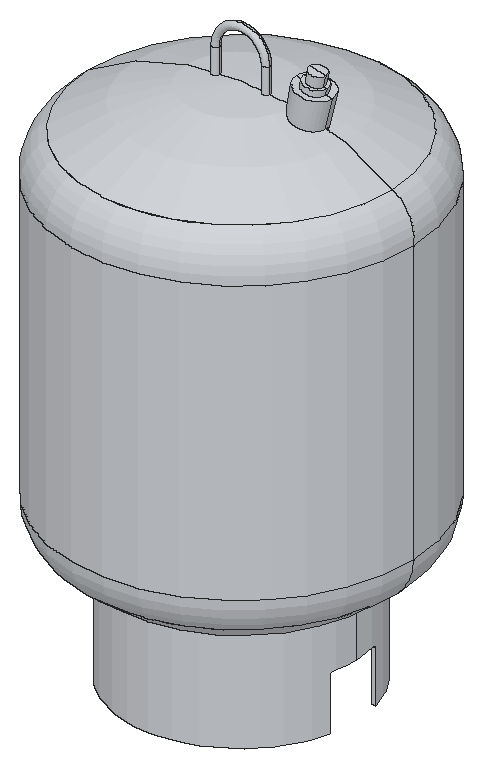
Revit family
Parameters (values of type "200LBC 125# W.P.")
  Weight = "195 lbs"
  Tank Volume = "53 Gal"
  Tank Height/Length = 36.969"
  Tank Diameter = 24.000"
  Side Lifting Ring Location = Shell Length / 2  # 9.2815"
  Shell Length = 18.563"
  Pipe Connector Diameter = Pipe Connection Radius * 2  # 1.000"
  Pipe Connection Radius = 0.500"
  Model = "200LBC"
  Maximum Acceptance Volume = "27 Gal"
  Max Operating Temp = "240 DEG F"
  Max Operating Pressure = "125 PSI"
  Manufacturer = "Amtrol"
  Lifting Ring Location = 3.500" / 2  # 1.750"
  Floor to Elbow Centerline = 2.000"
  Floor to Bottom of Tank = 4.000"
  Bladder/Diaphragm = "Bladder"
  ASME = yes
Types (9): name | Weight | Tank Volume | Tank Height/Length | Side Lifting Ring Location | Shell Length | Model | Maximum Acceptance Volume | Max Operating Pressure
  (no name) | "195 lbs" | "53 Gal" | 36.969" | 9.2815" | 18.563" | "200LBC" | "27 Gal" | "125 PSI"
  200LBC 150# W.P. 10 BAR | "205 lbs" | "53 Gal" | 36.969" | 9.2815" | 18.563" | "200LBC" | "27 Gal" | "150 PSI"
  300LBC 150# W.P. 10 BAR | "254 lbs" | "80 Gal" | 52.500" | 16.250" | 32.500" | "300LBC" | "27 Gal" | "150 PSI"
  400LBC 150# W.P. 10 BAR | "308 lbs" | "106 Gal" | 65.125" | 23.219" | 46.438" | "400LBC" | "53 Gal" | "150 PSI"
  500LBC 150# W.P. 10 BAR | "352 lbs" | "132 Gal" | 78.938" | 30.000" | 60.000" | "500LBC" | "53 Gal" | "150 PSI"
  200LBC 125# W.P. | "195 lbs" | "53 Gal" | 36.969" | 9.2815" | 18.563" | "200LBC" | "27 Gal" | "125 PSI"
  300LBC 125# W.P. | "233 lbs" | "80 Gal" | 52.500" | 16.250" | 32.500" | "300LBC" | "27 Gal" | "125 PSI"
  400LBC 125# W.P. | "274 lbs" | "106 Gal" | 65.125" | 23.219" | 46.438" | "400LBC" | "53 Gal" | "125 PSI"
  500LBC 125# W.P. | "310 lbs" | "132 Gal" | 78.938" | 30.000" | 60.000" | "500LBC" | "53 Gal" | "125 PSI"
Reference planes (in)
  plane 1 "Center (Front/Back)": y = 0
  plane 2: z = 0
  plane 3 "Center (Left/Right)": x = 0
Forms (in)
  Revolve 1, solid
    sketch origin (0, 0, 0) x (1, 0, 0) y (0, 0, 1)
      loop
        line (-8, 0) -> (-7.75, 0) -> (-7.75, 7.44707) -> (-8, 7.44707) -> (-8, 0)
      axis (0, 0) -> (0, 7.44707)
    angle from 0 to 360
  Revolve 2, solid
    sketch origin (0, 0, 0) x (1, 0, 0) y (0, 0, 1)
      loop
        line (0.6492, 3.3675) -> (0.6492, 4.19707) -> (0, 4.19707) -> (0, 3.3675) -> (0.6492, 3.3675)
      axis (0, 3.3675) -> (0, 4.19707)
    angle from 0 to 360
  Extrusion 3, void
    sketch origin (0, 0, 0) x (0, 1, 0) y (0, 0, 1)
      loop
        line (0, 3.82981) -> (-1.75, 3.82981)
        arc (-1.75, 3.82981) -> (-1.92678, 3.75658) -> (-2, 3.57981) r 0.25
        line (-2, 3.57981) -> (-2, -0.1984) -> (2, -0.1984) -> (2, 3.57981)
        arc (2, 3.57981) -> (1.92678, 3.75658) -> (1.75, 3.82981) r 0.25
        line (1.75, 3.82981) -> (0, 3.82981)
    from 3.88729 to 12
  Sweep 4, solid
    path origin (0, 0, 0) x (1, 0, 0) y (0, 0, 1)
      loop
        line (0, 3.5) -> (0, 3.198)
        arc (0, 3.198) -> (0.35089, 2.35089) -> (1.198, 2) r 1.198
        line (1.198, 2) -> (1.5, 2)
    profile origin (0, 0, 3.349) x (0, -1, 0) y (1, 0, 0)
      loop
        circle (0, 0) r 1
  Revolve 5, solid
    sketch origin (0, 0, 0) x (1, 0, 0) y (0, 0, 1)
      loop
        line (0, 2.813) -> (0.65074, 2.813) -> (0.65074, 4.313) -> (0, 4.313) -> (0, 2.813)
      axis (0, 2.813) -> (0, 4.313)
    angle from 0 to 360
  Revolve 6, solid
    sketch origin (0, 0, 0) x (1, 0, 0) y (0, 0, 1)
      loop
        line (5.96437, 38.55276) -> (5.7183, 38.59615) -> (5.89974, 39.32387) -> (5.33906, 39.46367) -> (4.53454, 35.86226) -> (5.73583, 35.65044) -> (6.34064, 38.07618) -> (5.89421, 38.1549) -> (5.96437, 38.55276)
      axis (4.53454, 35.86226) -> (5.33906, 39.46367)
    angle from 0 to 360
  Sweep 7, solid
    path origin (0.0517, 0, 0.58905) x (1, 0, 0) y (0, 0, 1)
      loop
        line (-1.8017, 36.25051) -> (-1.8017, 38.00051)
        arc (-1.8017, 38.00051) -> (-0.0517, 39.75051) -> (1.6983, 38.00051) r 1.75
        line (1.6983, 38.00051) -> (1.6983, 36.25051)
    profile origin (-1.75, 0, 37.71457) x (-1, 0, 0) y (0, -1, 0)
      loop
        circle (0, 0) r 0.25
  Revolve 8, solid
    sketch origin (0, 0, 0) x (1, 0, 0) y (0, 0, 1)
      loop
        arc (12, 30.95366) -> (11.68437, 32.63964) -> (10.55443, 33.93013) r 3.25
        arc (10.55443, 33.93013) -> (5.51015, 36.25858) -> (0, 36.969) r 18.33177
        line (0, 36.969) -> (0, 4) -> (4.98897, 4) -> (4.98897, 4.49999) -> (4.4445, 4.49999) -> (4.4445, 4.6875) -> (4.98897, 4.6875) -> (4.98897, 5.87292)
        arc (4.98897, 5.87292) -> (5.12168, 5.92789) -> (5.17665, 6.06061) r 0.18768
        arc (5.17665, 6.06061) -> (8.25561, 7.15646) -> (10.94007, 9.02046) r 12.36901
        arc (10.94007, 9.02046) -> (11.72323, 10.10933) -> (12, 11.42173) r 3.25
        line (12, 11.42173) -> (12, 30.95366)
      axis (0, 4) -> (0, 36.969)
    angle from 0 to 360
  Sweep 9, solid
    path origin (0, 0, 0) x (1, 0, 0) y (0, 0, 1)
      loop
        line (-11.93631, 23.42216) -> (-12.93631, 23.42216)
        arc (-12.93631, 23.42216) -> (-14.68631, 21.67216) -> (-12.93631, 19.92216) r 1.75
        line (-12.93631, 19.92216) -> (-11.93631, 19.92216)
    profile origin (-12.43631, 0, 23.42216) x (0, 0, -1) y (0, -1, 0)
      loop
        circle (0, 0) r 0.25
Cuts and joins
  Extrusion 3 cuts Revolve 1
  Extrusion 3 cuts Revolve 2
Dimensions and locks (in)
  "Floor to Elbow Centerline": Sweep 4 sketch curve to cut or joined group of Revolve 1, Extrusion 3
  "Floor to Bottom of Tank": Revolve 8 sketch curve to cut or joined group of Revolve 1, Extrusion 3
  "Tank Height/Length": Revolve 8 sketch curve to level
  Revolve 8 sketch curve to Revolve 8 sketch curve = 15.08177"
  Revolve 6 sketch curve to Revolve 8 = 4.69679"
  Revolve 6 sketch curve to Revolve 8 = 4.90861"
  Revolve 6 sketch curve to Revolve 6 sketch curve = 2.49391"
  Revolve 6 sketch curve to Revolve 6 sketch curve = 2.89791"
  Revolve 6 sketch curve to Revolve 6 sketch curve = 3.64608"
  "Lifting Ring Location": plane 3 "Center (Left/Right)" to Sweep 7 sketch curve
  Sweep 7 sketch curve to Revolve 8 = 5.88591"  (x2)
  "Side Lifting Ring Location": Revolve 8 to Sweep 9 sketch curve
  radius of Revolve 8 sketch curve = 18.33177"
  radius of Revolve 8 sketch curve = 3.250"
  aligned and locked: plane 3 "Center (Left/Right)" to import instance
  aligned and locked: plane 1 "Center (Front/Back)" to import instance
Automatic sketch dimensions
  Revolve 2 sketch curve to plane 3 "Center (Left/Right)" = 0.000"  (x2)
  plane 3 "Center (Left/Right)" to Revolve 2 sketch curve = 0.6492"
  level to Revolve 2 sketch curve = 3.3675"
  Revolve 2 sketch curve to Revolve 2 sketch curve = 0.000"
  Revolve 2 sketch curve to Revolve 2 sketch curve = 0.82957"
  Revolve 2 sketch curve to Revolve 2 sketch curve = 1.25068"
  Sweep 4 sketch curve to plane 3 "Center (Left/Right)" = 0.000"
  Sweep 4 sketch curve to Sweep 4 sketch curve = 1.198"
  Sweep 4 sketch curve to Sweep 4 sketch curve = 0.302"  (x2)
  plane 1 "Center (Front/Back)" to Sweep 4 sketch curve = 0.000"
  Sweep 4 sketch curve to profile plane = 0.000"
  Revolve 5 sketch curve to plane 3 "Center (Left/Right)" = 0.000"  (x2)
  plane 3 "Center (Left/Right)" to Revolve 5 sketch curve = 0.65074"
  level to Revolve 5 sketch curve = 2.813"
  Revolve 5 sketch curve to Revolve 5 sketch curve = 0.000"
  Revolve 5 sketch curve to Revolve 5 sketch curve = 1.500"
  Revolve 5 sketch curve to Revolve 5 sketch curve = 0.500"
  plane 3 "Center (Left/Right)" to Sweep 7 sketch curve = 0.000"
  Sweep 7 sketch curve to Sweep 7 sketch curve = 1.750"
  plane 1 "Center (Front/Back)" to Sweep 7 sketch curve = 0.000"
  Sweep 7 sketch curve to profile plane = 0.000"
  Revolve 1 sketch curve to level = 0.000"  (x2)
  Revolve 1 sketch curve to plane 3 "Center (Left/Right)" = 0.000"
  Revolve 1 sketch curve to plane 3 "Center (Left/Right)" = 7.750"
  Revolve 1 sketch curve to Revolve 1 sketch curve = 0.250"
  level to Revolve 1 sketch curve = 7.44707"
  Revolve 1 sketch curve to Revolve 1 sketch curve = 1.05293"
  Revolve 8 sketch curve to plane 3 "Center (Left/Right)" = 0.000"  (x2)
  plane 3 "Center (Left/Right)" to Revolve 8 sketch curve = 0.43805"
  Revolve 8 sketch curve to Revolve 8 sketch curve = 2.16694"
  plane 3 "Center (Left/Right)" to Revolve 8 sketch curve = 4.4445"
  Revolve 8 sketch curve to Revolve 8 sketch curve = 0.54447"
  Revolve 8 sketch curve to Revolve 8 sketch curve = 0.000"  (x3)
  Revolve 8 sketch curve to Revolve 8 sketch curve = 0.18768"
  Revolve 8 sketch curve to Revolve 8 sketch curve = 3.57335"
  plane 3 "Center (Left/Right)" to Revolve 8 sketch curve = 8.76092"
  Revolve 8 sketch curve to Revolve 8 sketch curve = 2.19007"
  Revolve 8 sketch curve to Revolve 8 sketch curve = 1.05993"
  Revolve 8 sketch curve to Revolve 8 sketch curve = 0.49999"
  Revolve 8 sketch curve to Revolve 8 sketch curve = 0.18751"
  Revolve 8 sketch curve to Revolve 8 sketch curve = 1.18542"
  Revolve 8 sketch curve to Revolve 8 sketch curve = 8.031"
  plane 3 "Center (Left/Right)" to Revolve 6 sketch curve = 4.3845"
  Revolve 6 sketch curve to Revolve 6 sketch curve = 0.15003"
  Revolve 6 sketch curve to Revolve 6 sketch curve = 0.80453"
  Revolve 6 sketch curve to Revolve 6 sketch curve = 0.19071"
  Revolve 6 sketch curve to Revolve 6 sketch curve = 0.37924"
  Revolve 6 sketch curve to Revolve 6 sketch curve = 0.17591"
  Revolve 6 sketch curve to Revolve 6 sketch curve = 0.56068"
  Revolve 6 sketch curve to Revolve 6 sketch curve = 0.24607"
  Revolve 6 sketch curve to Revolve 6 sketch curve = 0.44642"
  Revolve 6 sketch curve to Revolve 6 sketch curve = 0.4598"
  Revolve 6 sketch curve to Revolve 6 sketch curve = 0.07872"
  Revolve 6 sketch curve to Revolve 6 sketch curve = 0.85371"
  Extrusion 3 sketch curve to plane 1 "Center (Front/Back)" = 0.000"
  plane 1 "Center (Front/Back)" to Extrusion 3 sketch curve = 1.750"
  Extrusion 3 sketch curve to Extrusion 3 sketch curve = 0.250"
  Extrusion 3 sketch curve to plane 1 "Center (Front/Back)" = 1.750"
  Extrusion 3 sketch curve to level = 0.1984"
  Extrusion 3 sketch curve to plane 1 "Center (Front/Back)" = 2.000"
  level to Extrusion 3 sketch curve = 3.57981"
  Sweep 9 sketch curve to plane 3 "Center (Left/Right)" = 12.93631"
  Sweep 9 sketch curve to Sweep 9 sketch curve = 1.000"  (x2)
  Sweep 9 sketch curve to Sweep 9 sketch curve = 1.750"
  Sweep 9 sketch curve to plane 1 "Center (Front/Back)" = 0.000"
  Sweep 9 sketch curve to profile plane = 0.000"
  radius of Sweep 4 sketch curve = 1.000"
  radius of Sweep 7 sketch curve = 0.250"
  radius of Sweep 9 sketch curve = 0.250"
Connectors (in)
  piping at (1.5, 0, 2), driven by "Pipe Connection Radius"
    settings: on Sweep 4, index 1
